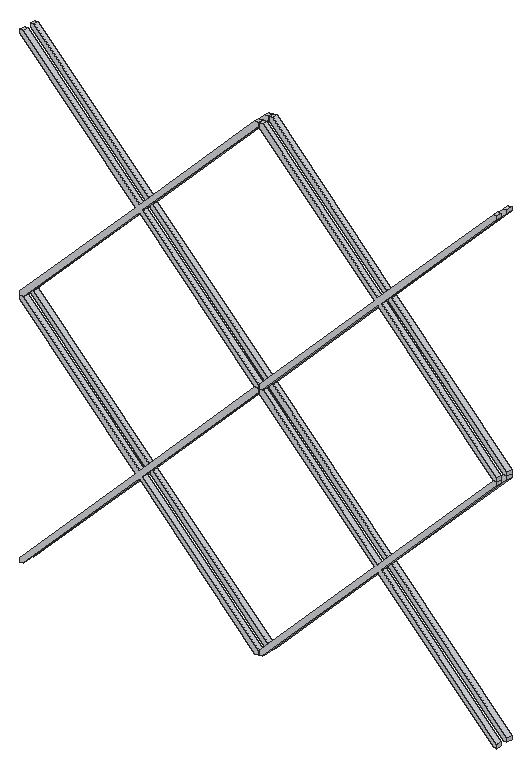
Revit family "M_Padrão do montante_diamante_2x2", category Modelos genéricos, Revit 2019
Family settings
  Pode hospedar o vergalhão = Não
  Cota do conector redondo = Utilizar diâmetro
  Tipo de parte = Normal
  Com base no plano de trabalho = Não
  Sempre na vertical = Sim
  Corte com vazios quando carregada = Não
  Compartilhado = Sim
  Ponto de cálculo do ambiente = Não
Parameters
  Largura [instance] = 1200 mm
  Espessura = 12.7 mm
  Altura [instance] = 1200 mm
  Material interior [instance] = none
  Material externo [instance] = none
  Distância = 19.05 mm
Reference planes
  plane 1 "Centro (Frente/Trás)": y = 0
  plane 2: z = 0
  plane 3 "Centro (Esquerda/Direita)": x = 0
  plane 4: z = 1200
  plane 5: x = -600
  plane 6: x = 600
  plane 7: z = 600
Dimensions and locks
  equal spacing: plane 6, plane 3 "Centro (Esquerda/Direita)", plane 5
  "Largura": plane 6 to plane 5
  "Altura": plane 4 to plane 2
  equal spacing: plane 4, plane 7, plane 2
  aligned and locked: plane 2 to level
  aligned and locked: plane 1 "Centro (Frente/Trás)" to nested 1
  aligned and locked: plane 1 "Centro (Frente/Trás)" to nested 2
  aligned and locked: plane 1 "Centro (Frente/Trás)" to nested 3
  aligned and locked: plane 1 "Centro (Frente/Trás)" to nested 4
  aligned and locked: plane 6 to nested 3
  aligned and locked: plane 4 to nested 3
  aligned and locked: plane 3 "Centro (Esquerda/Direita)" to nested 3
  aligned and locked: plane 7 to nested 3
  aligned and locked: plane 6 to nested 2
  aligned and locked: plane 7 to nested 2
  aligned and locked: plane 2 to nested 2
  aligned and locked: plane 3 "Centro (Esquerda/Direita)" to nested 2
  aligned and locked: plane 4 to nested 1
  aligned and locked: plane 7 to nested 1
  aligned and locked: plane 5 to nested 1
  aligned and locked: plane 3 "Centro (Esquerda/Direita)" to nested 1
  aligned and locked: plane 5 to nested 4
  aligned and locked: plane 3 "Centro (Esquerda/Direita)" to nested 4
  aligned and locked: plane 7 to nested 4
  aligned and locked: plane 2 to nested 4
Nested families
  nested 1: "M_Padrão do montante_diamante" at (-300, 0, 600), Material externo <- "Material externo", Material interior <- "Material interior", type "M_Padrão do montante_diamante"
    with W 600 mm, Material interior none, H 600 mm, Material externo none
  nested 2: "M_Padrão do montante_diamante" at (300, 0, 0), Material externo <- "Material externo", Material interior <- "Material interior", type "M_Padrão do montante_diamante"
    with W 600 mm, Material interior none, H 600 mm, Material externo none
  nested 3: "M_Padrão do montante_diamante" at (300, 0, 600), Material externo <- "Material externo", Material interior <- "Material interior", type "M_Padrão do montante_diamante"
    with W 600 mm, Material interior none, H 600 mm, Material externo none
  nested 4: "M_Padrão do montante_diamante" at (-300, 0, 0), Material externo <- "Material externo", Material interior <- "Material interior", type "M_Padrão do montante_diamante"
    with W 600 mm, Material interior none, H 600 mm, Material externo none
Definition of nested family "M_Padrão do montante_diamante"
  Parameters (values of type "M_Padrão do montante_diamante")
    W [instance] = 1200 mm
    Espessura = 12.7 mm
    H [instance] = 1200 mm
    Material interior [instance] = none
    Distância = 19.05 mm
    Material externo [instance] = none
  Reference planes
    plane 1 "Centro (Frente/Trás)": y = 0
    plane 2: z = 0
    plane 3 "Centro (Esquerda/Direita)": x = 0
    plane 4: z = 1200
    plane 5: x = -600
    plane 6: x = 600
    plane 7: z = 600
    plane 8: y = 9.525
    plane 9: y = -9.525
    plane 10: y = 22.225
    plane 11: y = -22.225
  Forms (mm)
    Extrusion 1, solid, material <- "Material externo", detail levels fine
      sketch origin (-600, 0, 1200) x (0.707107, 0, -0.707107) y (0.707107, 0, 0.707107)
        loop
          line (0, 6.35) -> (0, -6.35) -> (1697.056, -6.35) -> (1697.056, 6.35) -> (0, 6.35)
      from -22.225 to -9.525
    Extrusion 2, solid, material <- "Material externo", detail levels fine
      sketch origin (600, 0, 1200) x (-0.707107, 0, -0.707107) y (0.707107, 0, -0.707107)
        loop
          line (1697.056, 6.35) -> (0, 6.35) -> (0, -6.35) -> (1697.056, -6.35) -> (1697.056, 6.35)
      from -22.225 to -9.525
    Extrusion 3, void
      sketch origin (0, 0, 0) x (1, 0, 0) y (0, 0, 1)
        loop
          line (-600, 1200) -> (-600, 0) -> (600, 0) -> (600, 1200) -> (-600, 1200)
        loop
          line (-612.7, 1212.7) -> (-612.7, -12.7) -> (612.7, -12.7) -> (612.7, 1212.7) -> (-612.7, 1212.7)
      from -22.225 to 22.225
    Extrusion 4, solid, material <- "Material interior", detail levels fine
      sketch origin (-600, 0, 1200) x (0.707107, 0, -0.707107) y (0.707107, 0, 0.707107)
        loop
          line (0, 6.35) -> (0, -6.35) -> (1697.056, -6.35) -> (1697.056, 6.35) -> (0, 6.35)
      from 9.525 to 22.225
    Extrusion 5, solid, material <- "Material interior", detail levels fine
      sketch origin (600, 0, 1200) x (-0.707107, 0, -0.707107) y (0.707107, 0, -0.707107)
        loop
          line (0, -6.35) -> (1697.056, -6.35) -> (1697.056, 6.35) -> (0, 6.35) -> (0, -6.35)
      from 9.525 to 22.225
  Cuts and joins
    Extrusion 3 cuts Extrusion 1
    Extrusion 3 cuts Extrusion 2
    joined: Extrusion 1, Extrusion 2
    Extrusion 3 cuts Extrusion 4
    Extrusion 3 cuts Extrusion 5
    joined: Extrusion 4, Extrusion 5
  Lines and regions (mm)
    reference lines
      curve 1: line (-600, 0, 1200) -> (600, 0, 0)
      curve 2: line (600, 0, 1200) -> (-600, 0, 0)
      curve 3: line (-600, 0, 1200) -> (-447.336, 0, 1352.664)
      curve 4: line (600, 0, 0) -> (793.076, 0, 193.076)
      curve 5: line (-529.006, 0, 1120.026) -> (416.643, 0, 174.377)
      curve 6: line (-520.026, 0, 1129.006) -> (425.623, 0, 183.357)
      curve 7: line (600, 0, 1200) -> (469.786, 0, 1330.214)
      curve 8: line (-600, 0, 0) -> (-707.763, 0, 107.763)
      curve 9: line (-595.51, 0, -4.49) -> (557.214, 0, 1148.233)
      curve 10: line (-604.49, 0, 4.49) -> (548.233, 0, 1157.214)
    model lines, detail levels medium
      curve 11: line (600, 9.525, 0) -> (-600, 9.525, 1200)
      curve 12: line (600, 9.525, 1200) -> (-600, 9.525, 0)
      curve 13: line (600, -9.525, 0) -> (-600, -9.525, 1200)
      curve 14: line (600, -9.525, 1200) -> (-600, -9.525, 0)
  Dimensions and locks
    equal spacing: plane 6, plane 3 "Centro (Esquerda/Direita)", plane 5
    "W": plane 6 to plane 5
    "H": plane 4 to plane 2
    equal spacing: plane 4, plane 7, plane 2
    equal spacing: curve 5, curve 1, curve 6
    "Espessura": curve 5 to curve 6
    equal spacing: curve 9, curve 2, curve 10
    "Espessura": curve 9 to curve 10
    "Espessura": Extrusion 3 sketch curve to plane 6
    "Espessura": plane 2 to Extrusion 3 sketch curve
    "Espessura": plane 5 to Extrusion 3 sketch curve
    "Espessura": Extrusion 3 sketch curve to plane 4
    "Distância": plane 8 to plane 9
    equal spacing: plane 8, plane 1 "Centro (Frente/Trás)", plane 9
    "Espessura": plane 10 to plane 8
    "Espessura": plane 9 to plane 11
    locked: curve 1 to curve 3 (angle 90.00°)
    locked: curve 4 to curve 1 (angle 90.00°)
    locked: curve 7 to curve 2 (angle 90.00°)
    locked: curve 2 to curve 8 (angle 90.00°)
    aligned and locked: plane 2 to level
    aligned and locked: plane 4 to curve 1
    aligned and locked: plane 5 to curve 1
    aligned and locked: plane 2 to curve 2
    aligned and locked: plane 5 to curve 2
    aligned and locked: plane 6 to curve 1
    aligned and locked: plane 2 to curve 1
    aligned and locked: plane 6 to curve 2
    aligned and locked: plane 4 to curve 2
    aligned and locked: plane 4 to curve 3
    aligned and locked: plane 5 to curve 3
    aligned and locked: plane 6 to curve 4
    aligned and locked: plane 2 to curve 4
    aligned and locked: Extrusion 1 sketch curve to curve 5
    aligned and locked: Extrusion 1 sketch curve to curve 3
    aligned and locked: Extrusion 1 sketch curve to curve 6
    aligned and locked: curve 6 to Extrusion 1 sketch curve
    aligned and locked: curve 5 to Extrusion 1 sketch curve
    aligned and locked: Extrusion 1 sketch curve to curve 4
    aligned and locked: curve 4 to Extrusion 1 sketch curve
    aligned and locked: plane 5 to curve 8
    aligned and locked: plane 2 to curve 8
    aligned and locked: plane 6 to curve 7
    aligned and locked: plane 4 to curve 7
    aligned and locked: Extrusion 2 sketch curve to curve 10  (x2)
    aligned and locked: Extrusion 2 sketch curve to curve 8  (x2)
    aligned and locked: curve 9 to Extrusion 2 sketch curve  (x2)
    aligned and locked: curve 7 to Extrusion 2 sketch curve
    aligned and locked: plane 5 to Extrusion 3 sketch curve
    aligned and locked: Extrusion 3 sketch curve to plane 4
    aligned and locked: Extrusion 3 sketch curve to plane 6
    aligned and locked: plane 2 to Extrusion 3 sketch curve
    aligned and locked: plane 10 to cut or joined group of Extrusion 1, Extrusion 2, Extrusion 3  (x2)
    aligned and locked: cut or joined group of Extrusion 1, Extrusion 2, Extrusion 3 to plane 8  (x2)
    aligned and locked: plane 10 to Extrusion 3
    aligned and locked: Extrusion 3 to plane 11
    aligned and locked: curve 3 to Extrusion 4 sketch curve
    aligned and locked: Extrusion 4 sketch curve to curve 3
    aligned and locked: Extrusion 4 sketch curve to curve 6
    aligned and locked: Extrusion 4 sketch curve to curve 5
    aligned and locked: Extrusion 4 sketch curve to curve 4
    aligned and locked: curve 6 to Extrusion 4 sketch curve
    aligned and locked: curve 5 to Extrusion 4 sketch curve
    aligned and locked: Extrusion 5 sketch curve to curve 9
    aligned and locked: Extrusion 5 sketch curve to curve 10
    aligned and locked: Extrusion 5 sketch curve to curve 7  (x2)
    aligned and locked: Extrusion 5 sketch curve to curve 8  (x2)
    aligned and locked: curve 9 to Extrusion 5 sketch curve
    aligned and locked: curve 10 to Extrusion 5 sketch curve
    aligned and locked: Extrusion 4 to plane 11
    aligned and locked: Extrusion 5 to plane 11
    aligned and locked: plane 9 to Extrusion 4
    aligned and locked: plane 9 to Extrusion 5
    aligned and locked: plane 2 to curve 11
    aligned and locked: plane 6 to curve 11
    aligned and locked: plane 5 to curve 11
    aligned and locked: plane 4 to curve 11
    aligned and locked: plane 5 to curve 12
    aligned and locked: plane 2 to curve 12
    aligned and locked: plane 4 to curve 12
    aligned and locked: plane 6 to curve 12
    aligned and locked: plane 2 to curve 13
    aligned and locked: plane 6 to curve 13
    aligned and locked: plane 4 to curve 14
    aligned and locked: plane 6 to curve 14
    aligned and locked: plane 4 to curve 13
    aligned and locked: plane 5 to curve 13
    aligned and locked: plane 2 to curve 14
    aligned and locked: plane 5 to curve 14
  Automatic sketch dimensions
    curve 1 to curve 6 = 106.751 mm
    curve 1 to curve 5 = 106.751 mm
    curve 5 to curve 1 = 252.956 mm
    curve 6 to curve 5 = 0 mm
    curve 2 to curve 9 = 0 mm
    curve 2 to curve 9 = 66.859 mm
    curve 2 to curve 10 = 66.859 mm
